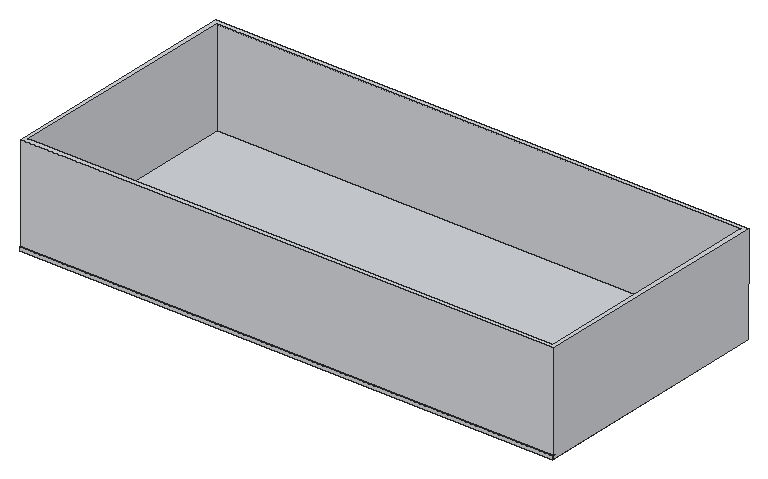
Revit family "EWS3", category Generic Models, Revit 2017
Family settings
  Can host rebar = No
  Round Connector Dimension = Use Diameter
  Part Type = Normal
  Work Plane-Based = Yes
  Always vertical = No
  Cut with Voids When Loaded = No
  Shared = No
  Room Calculation Point = No
Parameters (values of type "NBS Standard Parameters")
  Weight = "0.1629Kg"
  WarrantyStartDate [instance] = "1900-12-31T23:59:59"
  WarrantyGuarantorParts = "n/a"
  WarrantyGuarantorLabor = "n/a"
  WarrantyDurationUnit = "1 year"
  WarrantyDurationParts = "n/a"
  WarrantyDurationLabor = "n/a"
  WarrantyDescription = "n/a"
  Version = "1"
  Uniclass2 = "Pr_65_72_97_84"
  TagNumber [instance] = "n/a"
  SustainabilityPerformance = "n/a"
  Size = "25mm"
  Shape = "Rectangular"
  SerialNumber [instance] = "n/a"
  Revision = "n/a"
  ReplacementCost = "n/a"
  ProductInformation = "www.metpro.co.uk/pdf/ews3.pdf"
  NominalWidth = 75 mm
  NominalLength = 135 mm
  NominalHeight = 26.1 mm
  Name = ""
  NBSTypeID = ""
  NBSReference = "90-60-25/345"
  NBSOfficeMasterTag = ""
  NBSNote = ""
  NBSDescription = "Standard Socket Outlets"
  NBSCertification = ""
  ModelReference = "EWS3"
  ModelNumber = "n/a"
  Material = "Sheet Steel to Comply with BS4665"
  ManufacturerURL = "www.metpro.co.uk"
  ManufacturerName = "Metpro Ltd"
  Keynote = "Compliant to BS4662 & LU Standard 1-085(For Use on Surface & Sub-Surface Locations)"
  InstallationDate [instance] = "1900-12-31T23:59:59"
  IfcExportType = ""
  IfcExportAs = ""
  Grade = "n/a"
  Finish = "Pre Galvanised"
  Features = "n/a"
  ExpectedLife = "n/a"
  DurationUnit = "year"
  Description = "EWS3 - 25mm  2 Gang Switch & Socket Box"
  Default Elevation = 1219.2 mm
  Constituents = "n/a"
  Color = "n/a"
  CodePerformance = "n/a"
  Category = "n/a"
  BarCode [instance] = "n/a"
  BIMObjectName = "metpro_metprolibrary_standardsocketoutlets_Switchandsocketboxes_Metal"
  Author = "Metpro Limited"
  AssetType = ""
  AssetIdentifier [instance] = "n/a"
  AccessibilityPerformance = "n/a"
Reference planes
  plane 1 "Center (Front/Back)": y = 0
  plane 2: z = 0
  plane 3 "Center (Left/Right)": x = 0
Forms (mm)
  Extrusion 1, solid
    sketch origin (147.378, -18.044, 28.244) x (0, 1, 0) y (-1, 0, 0)
      loop
        line (62.288, 147.378) -> (0, 147.378) -> (0, 11.378) -> (62.288, 11.378) -> (62.288, 147.378)
      loop
        line (1, 146.378) -> (1, 12.378) -> (61.288, 12.378) -> (61.288, 146.378) -> (1, 146.378)
    from -16 to 9.3
  Extrusion 2, solid
    sketch origin (147.378, -18.338, 12.244) x (0, 1, 0) y (-1, 0, 0)
      loop
        line (62.288, 147.378) -> (0, 147.378) -> (0, 11.378) -> (62.288, 11.378) -> (62.288, 147.378)
    from 0 to 0.9
Dimensions and locks
  aligned and locked: level to plane 2
